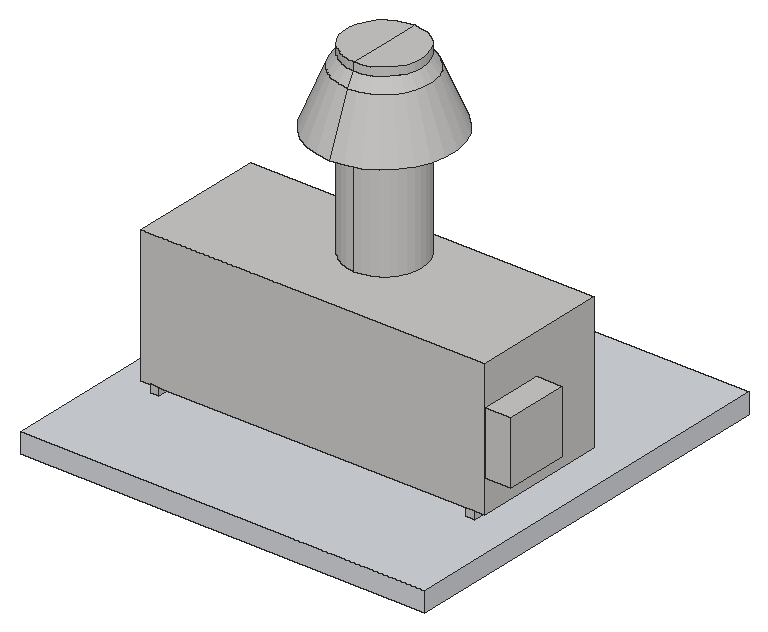
Revit family "DC_Rheem_PLM_Raypak_B1722ID", category Plumbing Fixtures, host Face, Revit 2020
Family settings
  Host = Face
  Round Connector Dimension = Use Radius
  Part Type = Normal
  Cut with Voids When Loaded = No
  Shared = No
  Room Calculation Point = No
Parameters
  Width_ANZRS = 825 mm
  URL = "http://www.rheem.com.au/downloads/PDF/Raypak_Mechanical_Heating_Brochure_July_09.pdf\r\n"
  Type Comments = "Recovery 6020L/h @ 50°C rise\r\n"
  Materials_ANZRS = Raypak - Grey Powder Coated Steel
  PRV_ANZRS = 15 mm
  Model = "B1722PCO/ID\r\n"
  Manufacturer = "Raypak\r\n"
  HotWaterOutletRadius_ANZRS = 32.5 mm
  HotWaterOutletDiameter_ANZRS = HotWaterOutletRadius_ANZRS * 2  # 65 mm
  Height_ANZRS = 1990 mm
  GasInletRadius_ANZRS = 20 mm
  GasInletHeight_ANZRS = 410 mm
  GasInletDiameter_ANZRS = GasInletRadius_ANZRS * 2  # 40 mm
  DesignBy_ANZRS = "Design Content ©"
  Description = "Raypak - Gas Water Heater- Indoor - 1581 MJ/h  Propane gas, On/Off gas control"
  Default Elevation = 0 mm
  ConnectionHeight_ANZRS = 755 mm
  ColdWaterInletRadius_ANZRS = 32.5 mm
  ColdWaterInletDiameter_ANZRS = ColdWaterInletRadius_ANZRS * 2  # 65 mm
  BoxHeight_ANZRS = 860 mm
  Author_ANZRS = "DM"
  Assembly Code = ""
Types (5, lengths in mm): name | URL | Type Comments | Model | GasInletRadius_ANZRS | GasInletDiameter_ANZRS | Description
  (no name) | "http://www.rheem.com.au/downloads/PDF/Raypak_Mechanical_Heating_Brochure_July_09.pdf\r\n" | "Recovery 6020L/h @ 50°C rise\r\n" | "B1722PCO/ID\r\n" | 20 | 40 | "Raypak - Gas Water Heater- Indoor - 1581 MJ/h  Propane gas, On/Off gas control"
  Raypak - Gas Water Heater- Indoor - 1719 MJ/h  Natural gas, modulating gas control | "http://www.rheem.com.au/CommercialProducts" | "Recovery 6536L/h @ 50°C rise\r\n" | "B1722NCM/ID\r\n" | 25 | 50 | "Raypak - Gas Water Heater- Indoor - 1719 MJ/h  Natural gas, modulating gas control"
  Raypak - Gas Water Heater- Indoor - 1719 MJ/h  Natural gas, On/Off gas control | "http://www.rheem.com.au/CommercialProducts" | "Recovery 6536L/h @ 50°C rise\r\n" | "B1722NCO/ID\r\n" | 25 | 50 | "Raypak - Gas Water Heater- Indoor - 1719 MJ/h  Natural gas, On/Off gas control\r\n"
  Raypak - Gas Water Heater- Indoor - 1581 MJ/h  Propane gas, modulating gas control | "http://www.rheem.com.au/CommercialProducts" | "Recovery 6020L/h @ 50°C rise\r\n" | "B1722PCM/ID\r\n" | 12.5 | 25 | "Raypak - Gas Water Heater- Indoor - 1581 MJ/h  Propane gas, modulating gas control\r\n"
  Raypak - Gas Water Heater- Indoor - 1581 MJ/h  Propane gas, On/Off gas control | "http://www.rheem.com.au/CommercialProducts" | "Recovery 6020L/h @ 50°C rise\r\n" | "B1722PCO/ID\r\n" | 20 | 40 | "Raypak - Gas Water Heater- Indoor - 1581 MJ/h  Propane gas, On/Off gas control"
Reference planes
  plane 1 "Center (Front/Back)": y = 0
  plane 2: z = 0
  plane 3 "Center (Left/Right)": x = 0
  plane 4: z = 1990
  plane 5: z = 860
  plane 6: z = 755
  plane 7: z = 410
  plane 8: y = 285
  plane 9: y = -540
  plane 10: y = 200
  plane 11: y = 130
  plane 12: y = -150
  plane 13: y = -410
  plane 14: y = 227.5
  plane 15: y = -227.5
  plane 16: x = -1035
  plane 17: x = 1035
  plane 18: x = -1085
  plane 19: x = -975
  plane 20: x = -925
  plane 21: x = 925
  plane 22: x = 975
  plane 23: z = 45
  plane 24: z = 245
  plane 25: z = 625
  plane 26: x = 1195
  plane 27: z = 1539.364
  plane 28: z = 1869.164
  plane 29: z = 1941.464
  plane 30: y = -227.5
  plane 31: y = -155
Forms (mm)
  Extrusion 1, solid
    sketch origin (0, 0, 0) x (1, 0, 0) y (0, 1, 0)
      loop
        line (-1219.2, 1219.2) -> (-1219.2, -1219.2) -> (1219.2, -1219.2) -> (1219.2, 1219.2) -> (-1219.2, 1219.2)
    from 0 to -120
  Extrusion 2, solid, material "Raypak - Grey Powder Coated Steel" <- "Materials_ANZRS"
    sketch origin (0, 0, 0) x (1, 0, 0) y (0, 1, 0)
      loop
        line (-1035, 285) -> (-1035, -540) -> (1035, -540) -> (1035, 285) -> (-1035, 285)
    from 45 to 860
  Revolve 3, solid, material "Raypak - Grey Powder Coated Steel" <- "Materials_ANZRS"
    sketch origin (0, 0, 105) x (0, 1, 0) y (0, 0, 1)
      loop
        line (0, 1885) -> (-227.5, 1885) -> (-227.5, 1836.464) -> (-276.845, 1764.164) -> (-410.093, 1434.364) -> (-227.5, 1434.364) -> (-227.5, 755) -> (0, 755) -> (0, 1885)
      axis (0, 1885) -> (0, 755)
    angle from 0 to 360
  Extrusion 4, void
    sketch origin (0, 0, 0) x (0, 1, 0) y (0, 0, 1)
      loop
        circle (200, 755) r 15
      loop
        circle (130, 755) r 32.5
      loop
        circle (-150, 755) r 32.5
    from -1035 to -856.802
  Extrusion 5, solid, material "Raypak - Grey Powder Coated Steel" <- "Materials_ANZRS"
    sketch origin (0, 0, 0) x (0, 1, 0) y (0, 0, 1)
      loop
        circle (-410, 410) r 20
    from -1085 to -1035
  Extrusion 6, solid, material "Raypak - Grey Powder Coated Steel" <- "Materials_ANZRS"
    sketch origin (0, 0, 0) x (1, 0, 0) y (0, 0, 1)
      loop
        line (-925, 0) -> (-925, 45) -> (-975, 45) -> (-975, 0) -> (-925, 0)
      loop
        line (975, 0) -> (975, 45) -> (925, 45) -> (925, 0) -> (975, 0)
    from -285 to 540
  Extrusion 7, solid, material "Raypak - Grey Powder Coated Steel" <- "Materials_ANZRS"
    sketch origin (0, 0, 0) x (1, 0, 0) y (0, 0, 1)
      loop
        line (1035, 625) -> (1035, 245) -> (1195, 245) -> (1195, 625) -> (1035, 625)
    from 155 to 540
Cuts and joins
  Extrusion 4 cuts Extrusion 2
Lines and regions (mm)
  Masking region 1
    outline origin (0, 0, 0) x (1, 0, 0) y (0, 1, 0)
      loop
        line (-1035, -540) -> (1035, -540) -> (1195, -540) -> (1195, -155) -> (1035, -155) -> (1035, 285) -> (294.875, 285)
        arc (294.875, 285) -> (160.156, 377.526) -> (0, 410.093) r 410.093
        arc (0, 410.093) -> (-160.156, 377.526) -> (-294.875, 285) r 410.093
        line (-294.875, 285) -> (-1035, 285) -> (-1035, -540)
  Masking region 2
    outline origin (0, 0, 0) x (1, 0, 0) y (0, 0, 1)
      loop
        line (-975, 0) -> (-925, 0) -> (-925, 45) -> (925, 45) -> (925, 0) -> (975, 0) -> (975, 45) -> (1035, 45) -> (1035, 245) -> (1195, 245) -> (1195, 625) -> (1035, 625) -> (1035, 860) -> (227.5, 860) -> (227.5, 1539.364) -> (410.093, 1539.364) -> (276.845, 1869.164) -> (227.5, 1941.464) -> (227.5, 1990) -> (0, 1990) -> (-227.5, 1990) -> (-227.5, 1941.464) -> (-276.845, 1869.164) -> (-410.093, 1539.364) -> (-227.5, 1539.364) -> (-227.5, 860) -> (-1035, 860) -> (-1035, 45) -> (-975, 45) -> (-975, 0)
  Masking region 3
    outline origin (0, 0, 0) x (0, 1, 0) y (0, 0, 1)
      loop
        line (-227.5, 1990) -> (-227.5, 1941.464) -> (-276.845, 1869.164) -> (-410.093, 1539.364) -> (-227.5, 1539.364) -> (-227.5, 860) -> (-540, 860) -> (-540, 0) -> (285, 0) -> (285, 860) -> (227.5, 860) -> (227.5, 1539.364) -> (410.093, 1539.364) -> (276.845, 1869.164) -> (227.5, 1941.464) -> (227.5, 1990) -> (-227.5, 1990)
  symbolic lines, style "Rheem Raypak", detail levels fine
    curve 1: line (0, 285, 0) -> (0, 285, 860)
    curve 2: line (0, 285, 860) -> (0, -540, 860)
    curve 3: line (0, -540, 860) -> (0, -540, 0)
    curve 4: arc (0, 97.5, 755) -> (0, 130, 722.5) -> (0, 162.5, 755) r 32.5
    curve 5: arc (0, 162.5, 755) -> (0, 130, 787.5) -> (0, 97.5, 755) r 32.5
    curve 6: arc (0, 185, 755) -> (0, 200, 740) -> (0, 215, 755) r 15
    curve 7: arc (0, 215, 755) -> (0, 200, 770) -> (0, 185, 755) r 15
    curve 8: arc (0, -182.5, 755) -> (0, -150, 722.5) -> (0, -117.5, 755) r 32.5
    curve 9: arc (0, -117.5, 755) -> (0, -150, 787.5) -> (0, -182.5, 755) r 32.5
    curve 10: arc (0, -390, 410) -> (0, -410, 390) -> (0, -430, 410) r 20
    curve 11: arc (0, -430, 410) -> (0, -410, 430) -> (0, -390, 410) r 20
    curve 12: line (0, -540, 45) -> (0, 285, 45)
    curve 13: line (0, -540, 0) -> (0, 285, 0)
    curve 14: line (-227.5, 0, 1990) -> (203.249, 0, 1990)
    curve 15: line (-227.5, 0, 1941.464) -> (227.5, 0, 1941.464)
    curve 16: line (-276.845, 0, 1869.164) -> (276.845, 0, 1869.164)
    curve 17: line (-410.093, 0, 1539.364) -> (410.093, 0, 1539.364)
    curve 18: line (1035, 0, 860) -> (-1035, 0, 860)
    curve 19: line (-1035, 0, 45) -> (1035, 0, 45)
    curve 20: line (925, 0, 0) -> (975, 0, 0)
    curve 21: line (-975, 0, 0) -> (-925, 0, 0)
    curve 22: line (1195, 0, 625) -> (1035, 0, 625)
    curve 23: line (1035, 0, 245) -> (1195, 0, 245)
    curve 24: line (1195, 0, 245) -> (1195, 0, 625)
    curve 25: line (227.5, 0, 1539.364) -> (227.5, 0, 860)
    curve 26: line (-227.5, 0, 1990) -> (-227.5, 0, 1941.464)
    curve 27: line (-410.093, 0, 1539.364) -> (-276.845, 0, 1869.164)
    curve 28: line (-227.5, 0, 1539.364) -> (-227.5, 0, 860)
    curve 29: line (-975, 0, 45) -> (-975, 0, 0)
    curve 30: line (-925, 0, 0) -> (-925, 0, 45)
    curve 31: line (975, 0, 0) -> (975, 0, 45)
    curve 32: line (925, 0, 45) -> (925, 0, 0)
    curve 33: line (-1085, 0, 425) -> (-1085, 0, 395)
    curve 34: line (-1085, 0, 425) -> (-1035, 0, 425)
    curve 35: line (-1085, 0, 395) -> (-1035, 0, 395)
    curve 36: arc (0, -410.093, 0) -> (410.093, 0, 0) -> (0, 410.093, 0) r 410.093
    curve 37: arc (0, 410.093, 0) -> (-410.093, 0, 0) -> (0, -410.093, 0) r 410.093
    curve 38: arc (0, -227.5, 0) -> (-227.5, 0, 0) -> (0, 227.5, 0) r 227.5
    curve 39: arc (0, -276.845, 0) -> (-276.845, 0, 0) -> (0, 276.845, 0) r 276.845
    curve 40: arc (0, 227.5, 0) -> (227.5, 0, 0) -> (0, -227.5, 0) r 227.5
    curve 41: arc (0, 276.845, 0) -> (276.845, 0, 0) -> (0, -276.845, 0) r 276.845
    curve 42: line (1035, 285, 0) -> (294.875, 285, 0)
    curve 43: line (-1035, 285, 0) -> (-1035, -540, 0)
    curve 44: line (-1035, -540, 0) -> (1035, -540, 0)
    curve 45: line (1035, -540, 0) -> (1035, 285, 0)
    curve 46: line (1195, -540, 0) -> (1195, -155, 0)
    curve 47: line (1195, -155, 0) -> (1035, -155, 0)
    curve 48: line (1035, -540, 0) -> (1195, -540, 0)
    curve 49: line (-1085, -395, 0) -> (-1085, -425, 0)
    curve 50: line (-1085, -395, 0) -> (-1035, -395, 0)
    curve 51: line (-1085, -425, 0) -> (-1035, -425, 0)
    curve 52: line (0, 227.5, 1539.364) -> (0, 227.5, 860)
    curve 53: line (0, -227.5, 1539.364) -> (0, -227.5, 860)
    curve 54: line (-1035, 0, 860) -> (-1035, 0, 45)
    curve 55: line (1035, 0, 45) -> (1035, 0, 860)
    curve 56: line (-294.875, 285, 0) -> (-1035, 285, 0)
    curve 57: line (-410.093, 0, 1539.364) -> (-276.845, 0, 1869.164)
    curve 58: line (-227.5, 0, 1941.464) -> (-276.845, 0, 1869.164)
    curve 59: line (-227.5, 0, 1941.464) -> (-227.5, 0, 1990)
    curve 60: line (227.5, 0, 1990) -> (227.5, 0, 1941.464)
    curve 61: line (227.5, 0, 1941.464) -> (276.845, 0, 1869.164)
    curve 62: line (227.5, 0, 1941.464) -> (227.5, 0, 1990)
    curve 63: line (410.093, 0, 1539.364) -> (276.845, 0, 1869.164)
    curve 64: line (0, 227.5, 1941.464) -> (0, -227.5, 1941.464)
    curve 65: line (0, 276.845, 1869.164) -> (0, -276.845, 1869.164)
    curve 66: line (0, -227.5, 1990) -> (0, 227.5, 1990)
    curve 67: line (0, -410.093, 1539.364) -> (0, 410.093, 1539.364)
    curve 68: line (0, 227.5, 1990) -> (0, 227.5, 1941.464)
    curve 69: line (0, -227.5, 1990) -> (0, -227.5, 1941.464)
    curve 70: line (0, 410.093, 1539.364) -> (0, 276.845, 1869.164)
    curve 71: line (0, 276.845, 1869.164) -> (0, 227.5, 1941.464)
    curve 72: line (0, -410.093, 1539.364) -> (0, -276.845, 1869.164)
    curve 73: line (0, -276.845, 1869.164) -> (0, -227.5, 1941.464)
Dimensions and locks
  "Height_ANZRS": plane 4 to level
  "BoxHeight_ANZRS": plane 5 to level
  "ConnectionHeight_ANZRS": plane 6 to Extrusion 1
  "GasInletHeight_ANZRS": plane 7 to level
  plane 8 to plane 9 = 825 mm
  plane 8 to plane 10 = 85 mm
  plane 8 to plane 11 = 155 mm
  plane 11 to plane 12 = 280 mm
  plane 13 to plane 9 = 130 mm
  plane 1 "Center (Front/Back)" to plane 9 = 540 mm
  locked: plane 19 to plane 16 at 60
  locked: plane 20 to plane 19 at 50
  locked: plane 17 to plane 22 at 60
  locked: plane 22 to plane 21 at 50
  plane 23 to level = 45 mm
  plane 24 to level = 245 mm
  plane 25 to plane 24 = 380 mm
  locked: plane 17 to plane 26 at 160
  plane 4 to plane 29 to plane 28 to plane 27 = 48.536 mm locked, 72.3 mm locked, 329.8 mm locked
  equal spacing: plane 17, plane 3 "Center (Left/Right)", plane 16
  plane 17 to plane 16 = 2070 mm
  equal spacing: plane 14, plane 1 "Center (Front/Back)", plane 15
  plane 14 to plane 15 = 455 mm
  plane 1 "Center (Front/Back)" to plane 30 = 227.5 mm
  locked: plane 16 to plane 18 at 50
  "GasInletRadius_ANZRS": radius of Extrusion 5 sketch curve
  "HotWaterOutletRadius_ANZRS": radius of Extrusion 4 sketch curve
  "ColdWaterInletRadius_ANZRS": radius of Extrusion 4 sketch curve
  "PRV_ANZRS": radius of Extrusion 4 sketch curve
  aligned and locked: plane 2 to Extrusion 1
  aligned and locked: level to Extrusion 1
  aligned and locked: plane 8 to Extrusion 2 sketch curve
  aligned and locked: plane 16 to Extrusion 2 sketch curve
  aligned and locked: plane 9 to Extrusion 2 sketch curve
  aligned and locked: plane 17 to Extrusion 2 sketch curve
  aligned and locked: plane 5 to Extrusion 2
  aligned and locked: Revolve 3 sketch curve to plane 1 "Center (Front/Back)"
  aligned and locked: plane 11 to Extrusion 4 sketch curve
  aligned and locked: plane 10 to Extrusion 4 sketch curve
  aligned and locked: plane 6 to Extrusion 4 sketch curve  (x3)
  aligned and locked: Extrusion 4 to plane 16
  aligned and locked: plane 7 to Extrusion 5 sketch curve
  aligned and locked: plane 13 to Extrusion 5 sketch curve
  aligned and locked: plane 16 to Extrusion 5
  aligned and locked: Extrusion 5 to plane 18
  aligned and locked: Extrusion 2 to plane 23
  aligned and locked: level to Extrusion 6 sketch curve  (x2)
  aligned and locked: Extrusion 6 sketch curve to plane 20
  aligned and locked: Extrusion 6 sketch curve to plane 23
  aligned and locked: plane 19 to Extrusion 6 sketch curve
  aligned and locked: Extrusion 6 sketch curve to plane 22
  aligned and locked: plane 21 to Extrusion 6 sketch curve
  aligned and locked: plane 23 to Extrusion 6 sketch curve
  aligned and locked: Extrusion 6 to plane 8
  aligned and locked: Extrusion 6 to plane 9
  aligned and locked: plane 25 to Extrusion 7 sketch curve
  aligned and locked: Extrusion 7 sketch curve to plane 26
  aligned and locked: plane 24 to Extrusion 7 sketch curve
  aligned and locked: cut or joined group of Extrusion 2, Extrusion 4 to Extrusion 7 sketch curve
  aligned and locked: Extrusion 7 to plane 9
  aligned and locked: plane 12 to Extrusion 4 sketch curve
  aligned and locked: Revolve 3 sketch curve to plane 4
  aligned and locked: plane 5 to Revolve 3 sketch curve
  aligned and locked: plane 27 to Revolve 3 sketch curve
  aligned and locked: curve 1 to cut or joined group of Extrusion 2, Extrusion 4
  aligned and locked: curve 2 to cut or joined group of Extrusion 2, Extrusion 4
  aligned and locked: curve 3 to cut or joined group of Extrusion 2, Extrusion 4
  aligned and locked: curve 4 to cut or joined group of Extrusion 2, Extrusion 4
  aligned and locked: curve 5 to cut or joined group of Extrusion 2, Extrusion 4
  aligned and locked: curve 6 to cut or joined group of Extrusion 2, Extrusion 4
  aligned and locked: curve 7 to cut or joined group of Extrusion 2, Extrusion 4
  aligned and locked: curve 8 to cut or joined group of Extrusion 2, Extrusion 4
  aligned and locked: curve 9 to cut or joined group of Extrusion 2, Extrusion 4
  aligned and locked: curve 10 to Extrusion 5
  aligned and locked: curve 11 to Extrusion 5
  aligned and locked: curve 12 to cut or joined group of Extrusion 2, Extrusion 4
  aligned and locked: curve 13 to Extrusion 6
  aligned and locked: curve 14 to Revolve 3
  aligned and locked: curve 15 to plane 29
  aligned and locked: curve 16 to plane 28
  aligned and locked: curve 17 to Revolve 3
  aligned and locked: curve 18 to cut or joined group of Extrusion 2, Extrusion 4
  aligned and locked: curve 19 to cut or joined group of Extrusion 2, Extrusion 4
  aligned and locked: curve 20 to Extrusion 6
  aligned and locked: curve 21 to Extrusion 6
  aligned and locked: curve 22 to Extrusion 7
  aligned and locked: curve 23 to Extrusion 7
  aligned and locked: curve 24 to Extrusion 7
  aligned and locked: plane 5 to curve 28
  aligned and locked: plane 27 to curve 28
  aligned and locked: curve 29 to Extrusion 6
  aligned and locked: curve 30 to Extrusion 6
  aligned and locked: curve 31 to Extrusion 6
  aligned and locked: curve 32 to Extrusion 6
  aligned and locked: Extrusion 5 to curve 33
  aligned and locked: curve 36 to Revolve 3
  aligned and locked: curve 37 to Revolve 3
  aligned and locked: curve 38 to Revolve 3
  aligned and locked: curve 39 to Revolve 3
  aligned and locked: curve 40 to Revolve 3
  aligned and locked: curve 41 to Revolve 3
  aligned and locked: curve 42 to cut or joined group of Extrusion 2, Extrusion 4
  aligned and locked: curve 43 to cut or joined group of Extrusion 2, Extrusion 4
  aligned and locked: curve 44 to cut or joined group of Extrusion 2, Extrusion 4
  aligned and locked: curve 45 to cut or joined group of Extrusion 2, Extrusion 4
  aligned and locked: curve 46 to Extrusion 7
  aligned and locked: curve 47 to Extrusion 7
  aligned and locked: curve 48 to Extrusion 7
  aligned and locked: Extrusion 5 to curve 49
  aligned and locked: plane 14 to curve 52
  aligned and locked: curve 53 to plane 15
  aligned and locked: Masking region 1 sketch curve to curve 44
  aligned and locked: Masking region 1 sketch curve to curve 48
  aligned and locked: Masking region 1 sketch curve to curve 46
  aligned and locked: Masking region 1 sketch curve to curve 47
  aligned and locked: curve 45 to Masking region 1 sketch curve
  aligned and locked: Masking region 1 sketch curve to curve 42
  aligned and locked: Masking region 1 sketch curve to curve 37
  aligned and locked: Masking region 1 sketch curve to curve 36
  aligned and locked: Masking region 1 sketch curve to curve 56
  aligned and locked: Masking region 1 sketch curve to curve 43
  aligned and locked: plane 29 to Revolve 3 sketch curve
  aligned and locked: Revolve 3 sketch curve to plane 15
  aligned and locked: plane 15 to Revolve 3 sketch curve
  aligned and locked: Masking region 2 sketch curve to Extrusion 6  (x6)
  aligned and locked: Masking region 2 sketch curve to cut or joined group of Extrusion 2, Extrusion 4  (x4)
  aligned and locked: Masking region 2 sketch curve to curve 28
  aligned and locked: Masking region 2 sketch curve to Revolve 3  (x3)
  aligned and locked: Masking region 2 sketch curve to curve 58
  aligned and locked: Masking region 2 sketch curve to curve 59
  aligned and locked: Revolve 3 to Masking region 2 sketch curve
  aligned and locked: Masking region 2 sketch curve to curve 63
  aligned and locked: Masking region 2 sketch curve to curve 61
  aligned and locked: Masking region 2 sketch curve to curve 62
  aligned and locked: Masking region 2 sketch curve to curve 25
  aligned and locked: Masking region 2 sketch curve to Extrusion 7  (x3)
  aligned and locked: Masking region 3 sketch curve to Revolve 3  (x2)
  aligned and locked: Masking region 3 sketch curve to curve 52
  aligned and locked: Masking region 3 sketch curve to cut or joined group of Extrusion 2, Extrusion 4  (x3)
  aligned and locked: Masking region 3 sketch curve to Extrusion 6
  aligned and locked: Masking region 3 sketch curve to curve 53
  aligned and locked: plane 31 to Extrusion 7
Automatic sketch dimensions
  Extrusion 1 sketch curve to Extrusion 1 sketch curve = 2438.4 mm  (x2)
  curve 49 to plane 18 = 0 mm
  curve 50 to plane 16 = 0 mm
  plane 8 to curve 56 = 0 mm
  plane 8 to curve 42 = 0 mm
  curve 42 to plane 17 = 0 mm
  plane 1 "Center (Front/Back)" to curve 47 = 155 mm
  curve 47 to plane 26 = 0 mm
  curve 45 to plane 9 = 0 mm
  plane 13 to curve 51 = 15 mm
  curve 50 to plane 13 = 15 mm
  Revolve 3 sketch curve to plane 28 = 0 mm
  Revolve 3 sketch curve to plane 1 "Center (Front/Back)" = 0 mm
  Revolve 3 sketch curve to plane 15 = 49.345 mm
  plane 13 to Revolve 3 sketch curve = 0.093 mm
  Revolve 3 sketch curve to Revolve 3 sketch curve = 310 mm
  Revolve 3 sketch curve to Revolve 3 sketch curve = 130 mm
  Masking region 1 sketch curve to plane 17 = 0 mm
  Masking region 2 sketch curve to plane 3 "Center (Left/Right)" = 0 mm
  plane 17 to Masking region 2 sketch curve = 0 mm
  Masking region 2 sketch curve to plane 23 = 0 mm  (x2)
  Masking region 2 sketch curve to plane 5 = 0 mm
  curve 13 to level = 0 mm
  curve 13 to plane 9 = 0 mm
  curve 71 to plane 28 = 0 mm
  curve 1 to plane 5 = 0 mm
  curve 1 to plane 8 = 0 mm
  plane 13 to curve 67 = 0.093 mm
  curve 73 to plane 15 = 49.345 mm
  plane 8 to curve 71 = 8.155 mm
  curve 67 to plane 8 = 125.093 mm
  Masking region 3 sketch curve to plane 5 = 0 mm
  Masking region 3 sketch curve to plane 27 = 0 mm
  curve 68 to plane 4 = 0 mm
  curve 70 to plane 27 = 0 mm
  curve 71 to plane 29 = 0 mm
  curve 64 to plane 15 = 0 mm
  curve 66 to plane 14 = 0 mm
  curve 53 to plane 27 = 0 mm
  curve 52 to plane 27 = 0 mm
  Masking region 3 sketch curve to plane 28 = 0 mm  (x2)
  Masking region 3 sketch curve to plane 15 = 0 mm
  Masking region 3 sketch curve to plane 14 = 0 mm
  Masking region 3 sketch curve to plane 29 = 0 mm  (x2)
  plane 13 to Masking region 3 sketch curve = 0.093 mm
  Masking region 3 sketch curve to plane 15 = 49.345 mm
  plane 8 to Masking region 3 sketch curve = 8.155 mm
  Masking region 3 sketch curve to plane 8 = 125.093 mm
  Masking region 2 sketch curve to plane 28 = 0 mm
  Masking region 2 sketch curve to Masking region 2 sketch curve = 182.593 mm
  curve 33 to plane 18 = 0 mm
  curve 34 to plane 16 = 0 mm
  curve 29 to plane 19 = 0 mm
  curve 30 to plane 20 = 0 mm
  curve 26 to plane 4 = 0 mm
  curve 62 to plane 4 = 0 mm
  curve 60 to plane 4 = 0 mm
  curve 32 to level = 0 mm
  curve 32 to plane 21 = 0 mm
  curve 31 to plane 22 = 0 mm
  plane 17 to curve 55 = 0 mm
  curve 24 to plane 24 = 0 mm
  curve 24 to plane 26 = 0 mm
  curve 29 to level = 0 mm
  curve 31 to plane 23 = 0 mm
  curve 24 to plane 25 = 0 mm
  curve 17 to plane 3 "Center (Left/Right)" = 410.093 mm
  curve 57 to plane 3 "Center (Left/Right)" = 276.845 mm
  curve 16 to curve 26 = 49.345 mm
  curve 27 to curve 28 = 182.593 mm
  plane 3 "Center (Left/Right)" to curve 14 = 203.249 mm
  curve 14 to curve 62 = 24.251 mm
  plane 3 "Center (Left/Right)" to curve 25 = 227.5 mm
  curve 15 to curve 61 = 49.345 mm
  curve 25 to curve 63 = 182.593 mm
  curve 35 to plane 7 = 15 mm
  plane 7 to curve 34 = 15 mm
Connectors
  piping at (-1085, -410, 410), diameter 40, driven by "GasInletRadius_ANZRS"
    settings: on Extrusion 5, index 3, connector inside diameter 1.5748", connector length 0 mm, flow factor 0, pipe flow 0 GPM, pressure drop 0.00 psi, fitting loss kfactor 0, connector angle 0.00°, fixture units 0, engagement length 0 mm, angle of deflection 0.00°, flow configuration 1, flow direction 1, fitting loss method 0, system type 22, joint type 0, gender type 0, connector reference index -1, connector utility 0, adjustable connector no, is connector primary yes, connector description "Gas"
  piping at (-1035, -150, 755), diameter 65, driven by "ColdWaterInletRadius_ANZRS"
    settings: on cut or joined group of Extrusion 2, Extrusion 4, index 4, connector inside diameter 2.55906", connector length 0 mm, flow factor 0, pipe flow 0 GPM, pressure drop 0.00 psi, fitting loss kfactor 0, connector angle 0.00°, fixture units 0, engagement length 0 mm, angle of deflection 0.00°, flow configuration 1, flow direction 1, fitting loss method 0, system type 20, joint type 0, gender type 0, connector reference index -1, connector utility 0, adjustable connector no, is connector primary no, connector description ""
  piping at (-1035, 130, 755), diameter 65, driven by "HotWaterOutletRadius_ANZRS"
    settings: on cut or joined group of Extrusion 2, Extrusion 4, index 5, connector inside diameter 2.55906", connector length 0 mm, flow factor 0, pipe flow 0 GPM, pressure drop 0.00 psi, fitting loss kfactor 0, connector angle 0.00°, fixture units 0, engagement length 0 mm, angle of deflection 0.00°, flow configuration 1, flow direction 2, fitting loss method 0, system type 19, joint type 0, gender type 0, connector reference index -1, connector utility 0, adjustable connector no, is connector primary no, connector description ""
  piping at (-1035, 200, 755), diameter 30
    settings: on cut or joined group of Extrusion 2, Extrusion 4, index 6, connector inside diameter 1.1811", connector length 0 mm, flow factor 0, pipe flow 0 GPM, pressure drop 0.00 psi, fitting loss kfactor 0, connector angle 0.00°, fixture units 0, engagement length 0 mm, angle of deflection 0.00°, flow configuration 1, flow direction 2, fitting loss method 0, system type 22, joint type 0, gender type 0, connector reference index -1, connector utility 0, adjustable connector no, is connector primary no, connector description "PRV"
